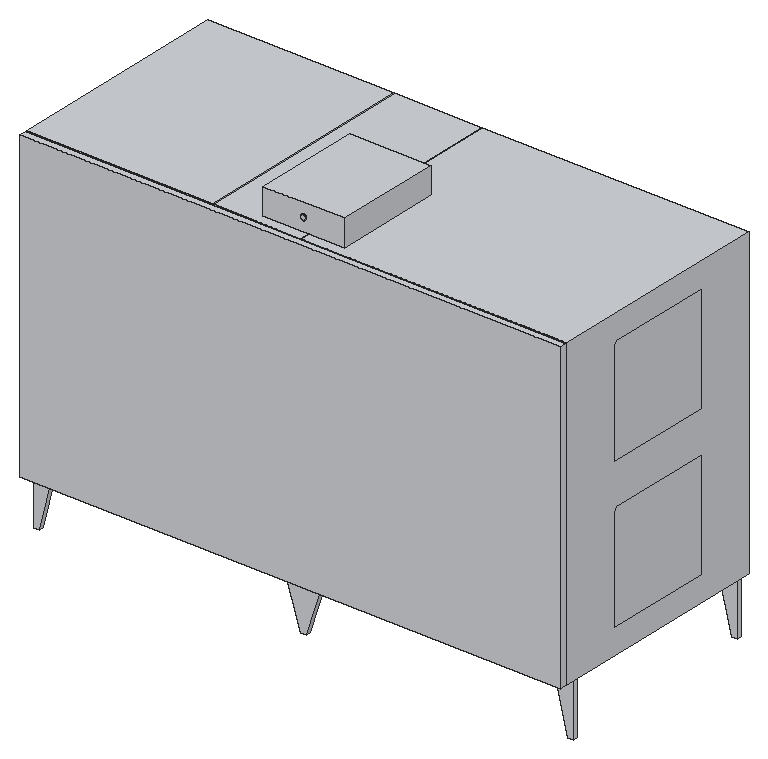
Revit family "AHU 2 _2", category Mechanické zařízení, Revit 2018
Family settings
  Kóta kulaté spojky = Použít průměr
  Typ dílu = Normální
  Číslo OmniClass = 23.75.00.00
  Nadpis OmniClass = Climate Control (HVAC)
  Založené na pracovní rovině = Ne
  Vždy vertikální = Ano
  Ořezat dutým tvarem při načtení = Ne
  Sdílené = Ne
  Bod výpočtu místnosti = Ne
Parameters (values of type "DUPLEXVENT 2500 Rotary")
  Width [instance] = 0.88 mm
  Weight [instance] = 353.00 kg
  URL = ""
  Type [instance] = "DUPLEXVENT 2500 Rotary"
  Total_SFP [instance] = 0
  Supply_outlet_hum [instance] = 90
  Supply_inlet_hum [instance] = 90
  Supply_ext_pressure [instance] = 0.0 Pa
  Supply_SFP [instance] = 0
  Source_adu_file [instance] = ""
  Recuperation_type [instance] = "Rotation regeneration exchanger"
  Recuperation_efficiency_EN308 [instance] = 0
  Project_name [instance] = ""
  Project_date [instance] = "10.8.2023"
  Power_supply_fusing [instance] = "0"
  Power_supply_cable [instance] = "0"
  Position [instance] = "AHU 2 "
  Phases_count [instance] = 1
  Panel_thickness [instance] = 0.06 mm
  Outer_surface [instance] = "RAL 9002"
  Length [instance] = 2.03 mm
  Insulation_type [instance] = "PUR"
  Insulation_thickness [instance] = 0.05 mm
  Installation_environment [instance] = ""
  Input_power_max [instance] = 1560 W
  Inner_surface [instance] = "Pozink"
  I2 [instance] = I1  # 0.0 L/s
  Height [instance] = 1.15 mm
  Exhaust_outlet_hum [instance] = 40
  Exhaust_inlet_hum [instance] = 40
  Exhaust_ext_pressure [instance] = 0.0 Pa
  Exhaust_SFP [instance] = 0
  E1 [instance] = E2 - M1  # 0.0 L/s
  E2 [instance] = 0.0 L/s
  I1 [instance] = 0.0 L/s
  Description = ""
  M1 [instance] = 0.0 L/s
  Device_dutypoint_version [instance] = "0"
  Device_design_version [instance] = "9"
  Device_adu_id [instance] = "2"
  Current_max [instance] = 7.8 A
  Casing_mat [instance] = "painted zinc layer"
  Cable type [instance] = "CYKY 3Jx2,5"
Reference planes
  plane 1 "Střed (vpředu/vzadu)": y = 0
  plane 2 "ref": z = 0
  plane 3 "Střed (vlevo/vpravo)": x = 0
Forms (mm)
  Sweep 1, solid
    path origin (0, 0, 0) x (0, 0, 1) y (1, 0, 0)
      loop
        line (0, 0) -> (1150, 0)
    profile origin (0, 0, 0) x (1, 0, 0) y (0, 1, 0)
      loop
        line (0, 0) -> (700, 0) -> (700, 850) -> (0, 850) -> (0, 0)
  Sweep 2, solid
    path origin (0, 0, 0) x (0, 0, 1) y (1, 0, 0)
      loop
        line (0, 0) -> (1150, 0)
    profile origin (0, 0, 0) x (1, 0, 0) y (0, 1, 0)
      loop
        line (700, 0) -> (1030, 0) -> (1030, 850) -> (700, 850) -> (700, 0)
  Sweep 3, solid
    path origin (0, 0, 0) x (0, 0, 1) y (1, 0, 0)
      loop
        line (0, 0) -> (1150, 0)
    profile origin (0, 0, 0) x (1, 0, 0) y (0, 1, 0)
      loop
        line (1030, 0) -> (2030, 0) -> (2030, 850) -> (1030, 850) -> (1030, 0)
  Sweep 4, solid
    path origin (1, 425, 855) x (0, 1, 0) y (-1, 0, 0)
      loop
        line (0, 0) -> (0, 1)
    profile origin (1, 425, 855) x (0, -1, 0) y (0, 0, 1)
      loop
        line (-200, -200) -> (200, -200) -> (200, 200) -> (-200, 200) -> (-200, -200)
  Sweep 5, solid
    path origin (2029, 425, 855) x (1, 0, 0) y (0, 1, 0)
      loop
        line (0, 0) -> (1, 0)
    profile origin (2029, 425, 855) x (0, 1, 0) y (0, 0, 1)
      loop
        line (-200, 200) -> (-200, -200) -> (200, -200) -> (200, 200) -> (-200, 200)
  Sweep 6, solid
    path origin (2029, 425, 295) x (1, 0, 0) y (0, 1, 0)
      loop
        line (0, 0) -> (1, 0)
    profile origin (2029, 425, 295) x (0, 1, 0) y (0, 0, 1)
      loop
        line (-200, 200) -> (-200, -200) -> (200, -200) -> (200, 200) -> (-200, 200)
  Sweep 7, solid
    path origin (1, 425, 295) x (0, 1, 0) y (-1, 0, 0)
      loop
        line (0, 0) -> (0, 1)
    profile origin (1, 425, 295) x (0, -1, 0) y (0, 0, 1)
      loop
        line (-200, -200) -> (200, -200) -> (200, 200) -> (-200, 200) -> (-200, -200)
  Sweep 8, solid
    path origin (0, 0, 0) x (0, 0, 1) y (1, 0, 0)
      loop
        line (0, 0) -> (1150, 0)
    profile origin (0, 0, 0) x (1, 0, 0) y (0, 1, 0)
      loop
        line (0, -30) -> (2030, -30) -> (2030, -5) -> (0, -5) -> (0, -30)
  Sweep 9, solid
    path origin (11, 48, 0) x (1, 0, 0) y (0, 1, 0)
      loop
        line (0, 0) -> (0, -15)
    profile origin (11, 48, 0) x (1, 0, 0) y (0, 0, 1)
      loop
        line (-11, 0) -> (-11, -200) -> (11, -200) -> (60, 0) -> (-11, 0)
  Sweep 10, solid
    path origin (1015, 48, 0) x (1, 0, 0) y (0, 1, 0)
      loop
        line (0, 0) -> (0, -15)
    profile origin (1015, 48, 0) x (1, 0, 0) y (0, 0, 1)
      loop
        line (-75, 0) -> (-11, -200) -> (11, -200) -> (75, 0) -> (-75, 0)
  Sweep 11, solid
    path origin (2018, 48, 0) x (1, 0, 0) y (0, 1, 0)
      loop
        line (0, 0) -> (0, -15)
    profile origin (2018, 48, 0) x (1, 0, 0) y (0, 0, 1)
      loop
        line (-60, 0) -> (-11, -200) -> (11, -200) -> (11, 0) -> (-60, 0)
  Sweep 12, solid
    path origin (11, 818, 0) x (1, 0, 0) y (0, 1, 0)
      loop
        line (0, 0) -> (0, -15)
    profile origin (11, 818, 0) x (1, 0, 0) y (0, 0, 1)
      loop
        line (-11, 0) -> (-11, -200) -> (11, -200) -> (60, 0) -> (-11, 0)
  Sweep 13, solid
    path origin (1015, 818, 0) x (1, 0, 0) y (0, 1, 0)
      loop
        line (0, 0) -> (0, -15)
    profile origin (1015, 818, 0) x (1, 0, 0) y (0, 0, 1)
      loop
        line (-75, 0) -> (-11, -200) -> (11, -200) -> (75, 0) -> (-75, 0)
  Sweep 14, solid
    path origin (2018, 818, 0) x (1, 0, 0) y (0, 1, 0)
      loop
        line (0, 0) -> (0, -15)
    profile origin (2018, 818, 0) x (1, 0, 0) y (0, 0, 1)
      loop
        line (-60, 0) -> (-11, -200) -> (11, -200) -> (11, 0) -> (-60, 0)
  Sweep 15, solid
    path origin (0, 0, 1150) x (0, 0, 1) y (1, 0, 0)
      loop
        line (0, 0) -> (100, 0)
    profile origin (0, 0, 1150) x (1, 0, 0) y (0, 1, 0)
      loop
        line (860, 35) -> (1165, 35) -> (1165, 440) -> (860, 440) -> (860, 35)
  Sweep 16, solid
    path origin (1012, 35, 1200) x (0, 1, 0) y (-1, 0, 0)
      loop
        line (0, 0) -> (-1, 0)
    profile origin (1012, 35, 1200) x (1, 0, 0) y (0, 0, 1)
      loop
        circle (0, 0) r 10
Lines and regions (mm)
  model lines, style "Symbol"
    curve 1: line (865, -30, 0) -> (865, -30, 230)
    curve 2: line (865, -30, 1150) -> (865, -30, 920)
    curve 3: line (700, -30, 575) -> (1030, -30, 575)
    curve 4: line (0, -30, 575) -> (700, -30, 575)
    curve 5: line (2030, -30, 575) -> (1030, -30, 575)
    curve 6: line (733, -30, 58) -> (733, -30, 1093)
    curve 7: line (733, -30, 1093) -> (997, -30, 1093)
    curve 8: line (997, -30, 1093) -> (997, -30, 58)
    curve 9: line (997, -30, 58) -> (733, -30, 58)
    curve 10: line (733, -30, 575) -> (997, -30, 575)
    curve 11: line (967, -30, 468) -> (956, -30, 368)
    curve 12: line (956, -30, 368) -> (940, -30, 282)
    curve 13: line (940, -30, 282) -> (918, -30, 216)
    curve 14: line (918, -30, 216) -> (892, -30, 175)
    curve 15: line (892, -30, 175) -> (865, -30, 161)
    curve 16: line (865, -30, 161) -> (838, -30, 175)
    curve 17: line (838, -30, 175) -> (812, -30, 216)
    curve 18: line (812, -30, 216) -> (790, -30, 282)
    curve 19: line (790, -30, 282) -> (774, -30, 368)
    curve 20: line (774, -30, 368) -> (763, -30, 468)
    curve 21: line (763, -30, 468) -> (759, -30, 575)
    curve 22: line (759, -30, 575) -> (763, -30, 682)
    curve 23: line (763, -30, 682) -> (774, -30, 782)
    curve 24: line (774, -30, 782) -> (790, -30, 868)
    curve 25: line (790, -30, 868) -> (812, -30, 934)
    curve 26: line (812, -30, 934) -> (838, -30, 975)
    curve 27: line (838, -30, 975) -> (865, -30, 989)
    curve 28: line (865, -30, 989) -> (892, -30, 975)
    curve 29: line (892, -30, 975) -> (918, -30, 934)
    curve 30: line (918, -30, 934) -> (940, -30, 868)
    curve 31: line (940, -30, 868) -> (956, -30, 782)
    curve 32: line (956, -30, 782) -> (967, -30, 682)
    curve 33: line (967, -30, 682) -> (930, -30, 796)
    curve 34: line (967, -30, 682) -> (972, -30, 806)
    curve 35: line (1777, -30, 944) -> (1961, -30, 913)
    curve 36: line (1777, -30, 781) -> (1961, -30, 812)
    curve 37: line (253, -30, 206) -> (69, -30, 237)
    curve 38: line (253, -30, 369) -> (69, -30, 338)
    curve 39: line (244, -30, 690) -> (244, -30, 1035)
    curve 40: line (244, -30, 1035) -> (365, -30, 1035)
    curve 41: line (365, -30, 1035) -> (365, -30, 690)
    curve 42: line (365, -30, 690) -> (244, -30, 690)
    curve 43: line (304, -30, 690) -> (365, -30, 863)
    curve 44: line (304, -30, 1035) -> (365, -30, 863)
    curve 45: line (1786, -30, 460) -> (1786, -30, 115)
    curve 46: line (1786, -30, 115) -> (1665, -30, 115)
    curve 47: line (1665, -30, 115) -> (1665, -30, 460)
    curve 48: line (1665, -30, 460) -> (1786, -30, 460)
    curve 49: line (1726, -30, 460) -> (1665, -30, 287)
    curve 50: line (1726, -30, 115) -> (1665, -30, 287)
    curve 51: line (0, -1030, 0) -> (0, 0, 0)
    curve 52: line (2030, -1030, 0) -> (2030, 0, 0)
    curve 53: line (0, -1030, 0) -> (2030, -1030, 0)
    curve 54: line (0, -1030, 1150) -> (0, 0, 1150)
    curve 55: line (2030, -1030, 1150) -> (2030, 0, 1150)
    curve 56: line (0, -1030, 1150) -> (2030, -1030, 1150)
    curve 57: line (0, -1030, 0) -> (0, -1030, 1150)
    curve 58: line (2030, -1030, 0) -> (2030, -1030, 1150)
    curve 59: line (0, -1030, 950) -> (200, -1030, 1150)
    curve 60: line (0, -1030, 750) -> (400, -1030, 1150)
    curve 61: line (0, -1030, 550) -> (600, -1030, 1150)
    curve 62: line (0, -1030, 350) -> (800, -1030, 1150)
    curve 63: line (0, -1030, 150) -> (1000, -1030, 1150)
    curve 64: line (50, -1030, 0) -> (1200, -1030, 1150)
    curve 65: line (250, -1030, 0) -> (1400, -1030, 1150)
    curve 66: line (450, -1030, 0) -> (1600, -1030, 1150)
    curve 67: line (650, -1030, 0) -> (1800, -1030, 1150)
    curve 68: line (850, -1030, 0) -> (2000, -1030, 1150)
    curve 69: line (1050, -1030, 0) -> (2030, -1030, 980)
    curve 70: line (1250, -1030, 0) -> (2030, -1030, 780)
    curve 71: line (1450, -1030, 0) -> (2030, -1030, 580)
    curve 72: line (1650, -1030, 0) -> (2030, -1030, 380)
    curve 73: line (1850, -1030, 0) -> (2030, -1030, 180)
    curve 74: line (2030, -1030, 950) -> (2030, -830, 1150)
    curve 75: line (2030, -1030, 750) -> (2030, -630, 1150)
    curve 76: line (2030, -1030, 550) -> (2030, -430, 1150)
    curve 77: line (2030, -1030, 350) -> (2030, -230, 1150)
    curve 78: line (2030, -1030, 150) -> (2030, -30, 1150)
    curve 79: line (2030, -980, 0) -> (2030, 0, 980)
    curve 80: line (2030, -780, 0) -> (2030, 0, 780)
    curve 81: line (2030, -580, 0) -> (2030, 0, 580)
    curve 82: line (2030, -380, 0) -> (2030, 0, 380)
    curve 83: line (2030, -180, 0) -> (2030, 0, 180)
    curve 84: line (0, -830, 1150) -> (200, -1030, 1150)
    curve 85: line (0, -630, 1150) -> (400, -1030, 1150)
    curve 86: line (0, -430, 1150) -> (600, -1030, 1150)
    curve 87: line (0, -230, 1150) -> (800, -1030, 1150)
    curve 88: line (0, -30, 1150) -> (1000, -1030, 1150)
    curve 89: line (170, 0, 1150) -> (1200, -1030, 1150)
    curve 90: line (370, 0, 1150) -> (1400, -1030, 1150)
    curve 91: line (570, 0, 1150) -> (1600, -1030, 1150)
    curve 92: line (770, 0, 1150) -> (1800, -1030, 1150)
    curve 93: line (970, 0, 1150) -> (2000, -1030, 1150)
    curve 94: line (1170, 0, 1150) -> (2030, -860, 1150)
    curve 95: line (1370, 0, 1150) -> (2030, -660, 1150)
    curve 96: line (1570, 0, 1150) -> (2030, -460, 1150)
    curve 97: line (1770, 0, 1150) -> (2030, -260, 1150)
    curve 98: line (1970, 0, 1150) -> (2030, -60, 1150)
    curve 99: line (0, 0, 1890) -> (0, 0, 1150)
    curve 100: line (2030, 0, 1890) -> (2030, 0, 1150)
    curve 101: line (0, 0, 1890) -> (2030, 0, 1890)
    curve 102: line (0, 850, 1890) -> (0, 850, 1150)
    curve 103: line (2030, 850, 1890) -> (2030, 850, 1150)
    curve 104: line (0, 850, 1890) -> (2030, 850, 1890)
    curve 105: line (0, 0, 1890) -> (0, 850, 1890)
    curve 106: line (2030, 0, 1890) -> (2030, 850, 1890)
    curve 107: line (0, 650, 1890) -> (200, 850, 1890)
    curve 108: line (0, 450, 1890) -> (400, 850, 1890)
    curve 109: line (0, 250, 1890) -> (600, 850, 1890)
    curve 110: line (0, 50, 1890) -> (800, 850, 1890)
    curve 111: line (150, 0, 1890) -> (1000, 850, 1890)
    curve 112: line (350, 0, 1890) -> (1200, 850, 1890)
    curve 113: line (550, 0, 1890) -> (1400, 850, 1890)
    curve 114: line (750, 0, 1890) -> (1600, 850, 1890)
    curve 115: line (950, 0, 1890) -> (1800, 850, 1890)
    curve 116: line (1150, 0, 1890) -> (2000, 850, 1890)
    curve 117: line (1350, 0, 1890) -> (2030, 680, 1890)
    curve 118: line (1550, 0, 1890) -> (2030, 480, 1890)
    curve 119: line (1750, 0, 1890) -> (2030, 280, 1890)
    curve 120: line (1950, 0, 1890) -> (2030, 80, 1890)
    curve 121: line (2030, 650, 1890) -> (2030, 850, 1690)
    curve 122: line (2030, 450, 1890) -> (2030, 850, 1490)
    curve 123: line (2030, 250, 1890) -> (2030, 850, 1290)
    curve 124: line (2030, 50, 1890) -> (2030, 790, 1150)
    curve 125: line (2030, 0, 1740) -> (2030, 590, 1150)
    curve 126: line (2030, 0, 1540) -> (2030, 390, 1150)
    curve 127: line (2030, 0, 1340) -> (2030, 190, 1150)
    curve 128: line (0, 850, 1690) -> (200, 850, 1890)
    curve 129: line (0, 850, 1490) -> (400, 850, 1890)
    curve 130: line (0, 850, 1290) -> (600, 850, 1890)
    curve 131: line (60, 850, 1150) -> (800, 850, 1890)
    curve 132: line (260, 850, 1150) -> (1000, 850, 1890)
    curve 133: line (460, 850, 1150) -> (1200, 850, 1890)
    curve 134: line (660, 850, 1150) -> (1400, 850, 1890)
    curve 135: line (860, 850, 1150) -> (1600, 850, 1890)
    curve 136: line (1060, 850, 1150) -> (1800, 850, 1890)
    curve 137: line (1260, 850, 1150) -> (2000, 850, 1890)
    curve 138: line (1460, 850, 1150) -> (2030, 850, 1720)
    curve 139: line (1660, 850, 1150) -> (2030, 850, 1520)
    curve 140: line (1860, 850, 1150) -> (2030, 850, 1320)
    curve 141: line (0, -30, 0) -> (0, -30, 1150)
    curve 142: line (0, -30, 1150) -> (1012, -30, 1150)
    curve 143: line (1012, -30, 1150) -> (1012, -30, 0)
    curve 144: line (1012, -30, 0) -> (0, -30, 0)
    curve 145: line (1018, -30, 0) -> (1018, -30, 1150)
    curve 146: line (1018, -30, 1150) -> (2030, -30, 1150)
    curve 147: line (2030, -30, 1150) -> (2030, -30, 0)
    curve 148: line (2030, -30, 0) -> (1018, -30, 0)
    curve 149: line (0, -30, 0) -> (2030, -30, 0)
    curve 150: line (0, -30, 1150) -> (2030, -30, 1150)
    curve 151: line (0, -30, 0) -> (0, -30, 1150)
    curve 152: line (2030, -30, 0) -> (2030, -30, 1150)
    curve 153: line (0, -30, 0) -> (0, -5, 0)
    curve 154: line (2030, -30, 0) -> (2030, -5, 0)
    curve 155: line (0, -30, 1150) -> (0, -5, 1150)
    curve 156: line (2030, -30, 1150) -> (2030, -5, 1150)
    curve 157: circle (1857, -30, 863) r 115 normal (0, -1, 0)
    curve 158: circle (172, -30, 287) r 115 normal (0, -1, 0)
Dimensions and locks
  aligned and locked: level to plane 2 "ref"
Connectors
  hvac at (0, 425, 855), driven by "E1"
    settings: on Sweep 4, index 1, duct flow 0.0 L/s, flow factor 0, pres drop 0.0 Pa, loss coef 0, conn angle 0.00°, conn width 400 mm, conn height 400 mm, conn diameter 609.6 mm, duct sys type 1, conn prof type 1, flow config 1, flow direction 1, loss method 0, conn ref index -1, conn util no, is conn primary yes, conn desc ""
  hvac at (2030, 425, 855), driven by "E2"
    settings: on Sweep 5, index 2, duct flow 0.0 L/s, flow factor 1, pres drop 0.0 Pa, loss coef 0, conn angle 0.00°, conn width 400 mm, conn height 400 mm, conn diameter 609.6 mm, duct sys type 1, conn prof type 1, flow config 2, flow direction 2, loss method 0, conn ref index -1, conn util no, is conn primary no, conn desc ""
  hvac at (2030, 425, 295), driven by "I1"
    settings: on Sweep 6, index 3, duct flow 0.0 L/s, flow factor 1, pres drop 0.0 Pa, loss coef 0, conn angle 0.00°, conn width 400 mm, conn height 400 mm, conn diameter 609.6 mm, duct sys type 3, conn prof type 1, flow config 2, flow direction 1, loss method 0, conn ref index -1, conn util no, is conn primary no, conn desc ""
  hvac at (0, 425, 295), driven by "I2"
    settings: on Sweep 7, index 4, duct flow 0.0 L/s, flow factor 0, pres drop 0.0 Pa, loss coef 0, conn angle 0.00°, conn width 400 mm, conn height 400 mm, conn diameter 609.6 mm, duct sys type 3, conn prof type 1, flow config 1, flow direction 2, loss method 0, conn ref index -1, conn util no, is conn primary no, conn desc ""
  electrical at (1012, 34, 1200)
    settings: on Sweep 16, index 5, voltage 230 V, apparent load 0 VA, apparent load phase1 0 VA, apparent load phase2 0 VA, apparent load phase3 0 VA, power factor 1, load classification "Další", number of poles 1, system type 31, power factor state 1, is connector primary yes, connector utility no, sub classification motor no, connector description ""
